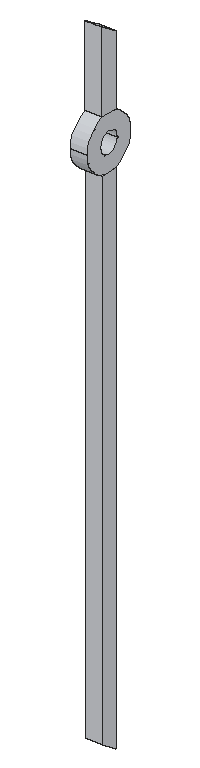
Revit family "M_Baluster - Custom2", category 난간동자, Revit 2026
Family settings
  항상 수직 = 예
  로드될 때 보이드를 사용하여 절단 = 아니오
  공유 = 아니오
Parameters (values of type "20mm")
  built-in parameter 1008623 [instance] = 32.47°
  built-in parameter 1008625 [instance] = (empty or 0)
  Post = no
  built-in parameter 1008624 [instance] = 32.47°
  Width = 20 mm
  Baluster Material = none
  built-in parameter 1008622 [instance] = 762 mm
Types (3, lengths in mm): name | Width
  (no name) | 20
  25mm | 25
  20mm | 20
Reference planes
  plane 1 "Center F/B": y = 0
  plane 2: z = 0
  plane 3 "Center L/R": x = 0
  plane 4 "Top": z = 762
  plane 5 "Top Angle Cut": through (0, 345.134, 542.379) normal (0, -0.5369, -0.8437)
  plane 6: z = 862
  plane 7: z = 609.6
  plane 8: z = 673.1
  plane 9: z = 641.35
  plane 10: z = -100
  plane 11 "Bottom Angle Cut": through (0, 0, 0) normal (0, -0.5369, -0.8437)
  plane 12: y = 50
  plane 13: x = 50
  plane 14: y = -50
  plane 15: x = -50
Forms (mm)
  Extrusion 1, solid, material <- "Baluster Material"
    sketch origin (0, 0, 0) x (1, 0, 0) y (0, 1, 0)
      loop
        line (-10, 10) -> (-10, -10) -> (10, -10) -> (10, 10) -> (-10, 10)
    from 673.1 to 862
  Extrusion 2, void
    sketch origin (0, 0, 0) x (0, 1, 0) y (0, 0, 1)
      loop
        line (-50, 862) -> (-50, 793.817) -> (50, 730.183) -> (50, 862) -> (-50, 862)
    from -50 to 50
  Extrusion 3, solid, material <- "Baluster Material"
    sketch origin (0, 0, 0) x (1, 0, 0) y (0, 1, 0)
      loop
        line (-9.525, 10.475) -> (-9.525, -9.525) -> (10.475, -9.525) -> (10.475, 10.475) -> (-9.525, 10.475)
    from -100 to 609.6
  Extrusion 4, solid, material <- "Baluster Material"
    sketch origin (0, 0, 0) x (0, 1, 0) y (0, 0, 1)
      loop
        circle (0, 641.35) r 31.75
      loop
        circle (0, 641.35) r 12.7
    from -10 to 10
  Extrusion 5, void
    sketch origin (0, 0, 0) x (0, 1, 0) y (0, 0, 1)
      loop
        line (-50, -100) -> (50, -100) -> (50, -31.817) -> (-50, 31.817) -> (-50, -100)
    from -50 to 50
Cuts and joins
  Extrusion 2, Extrusion 5 cuts Extrusion 1
  Extrusion 5 cuts Extrusion 3
  Extrusion 5 cuts Extrusion 4
Dimensions and locks
  "built-in parameter 1008622": plane 2 to plane 4 "Top"
  locked: plane 4 "Top" to plane 6 at 100
  equal spacing: Extrusion 1 sketch curve, plane 3 "Center L/R", Extrusion 1 sketch curve
  equal spacing: Extrusion 1 sketch curve, plane 1 "Center F/B", Extrusion 1 sketch curve
  "Width": Extrusion 1 sketch curve to Extrusion 1 sketch curve  (x2)
  Extrusion 3 sketch curve to Extrusion 3 sketch curve = 20 mm  (x2)
  "Width": Extrusion 3 sketch curve to Extrusion 3 sketch curve  (x2)
  locked: plane 7 to plane 8 at 63.5
  equal spacing: plane 7, plane 9, plane 8
  locked: level to plane 10 at 100
  locked: plane 7 to plane 4 "Top" at 152.4
  locked: plane 15 to plane 3 "Center L/R" at 50
  locked: plane 3 "Center L/R" to plane 13 at 50
  locked: plane 1 "Center F/B" to plane 12 at 50
  locked: plane 14 to plane 1 "Center F/B" at 50
  "built-in parameter 1008623": angle plane 4 "Top" to plane 5 "Top Angle Cut"
  "built-in parameter 1008624": angle level to plane 11 "Bottom Angle Cut"
  aligned and locked: Extrusion 1 to plane 6
  aligned and locked: Extrusion 3 to plane 7
  aligned and locked: plane 8 to Extrusion 1
  aligned and locked: Extrusion 4 to cut or joined group of Extrusion 1, Extrusion 2, Extrusion 5  (x2)
  aligned and locked: plane 10 to Extrusion 3
  aligned and locked: plane 15 to Extrusion 2
  aligned and locked: Extrusion 2 to plane 13
  aligned and locked: plane 12 to Extrusion 2 sketch curve
  aligned and locked: plane 14 to Extrusion 2 sketch curve
  aligned and locked: plane 6 to Extrusion 2 sketch curve
  aligned and locked: Extrusion 2 sketch curve to plane 5 "Top Angle Cut"
  aligned and locked: plane 10 to Extrusion 5 sketch curve
  aligned and locked: plane 14 to Extrusion 5 sketch curve
  aligned and locked: Extrusion 5 sketch curve to plane 12
  aligned and locked: Extrusion 5 sketch curve to plane 11 "Bottom Angle Cut"
  aligned and locked: plane 15 to Extrusion 5
  aligned and locked: Extrusion 5 to plane 13
Automatic sketch dimensions
  Extrusion 3 sketch curve to plane 3 "Center L/R" = 9.525 mm
  plane 1 "Center F/B" to Extrusion 3 sketch curve = 9.525 mm
  Extrusion 4 sketch curve to plane 9 = 0 mm  (x2)
  Extrusion 4 sketch curve to plane 1 "Center F/B" = 0 mm  (x2)
  plane 1 "Center F/B" to Extrusion 4 sketch curve = 12.7 mm
  Extrusion 4 sketch curve to Extrusion 4 sketch curve = 19.05 mm
